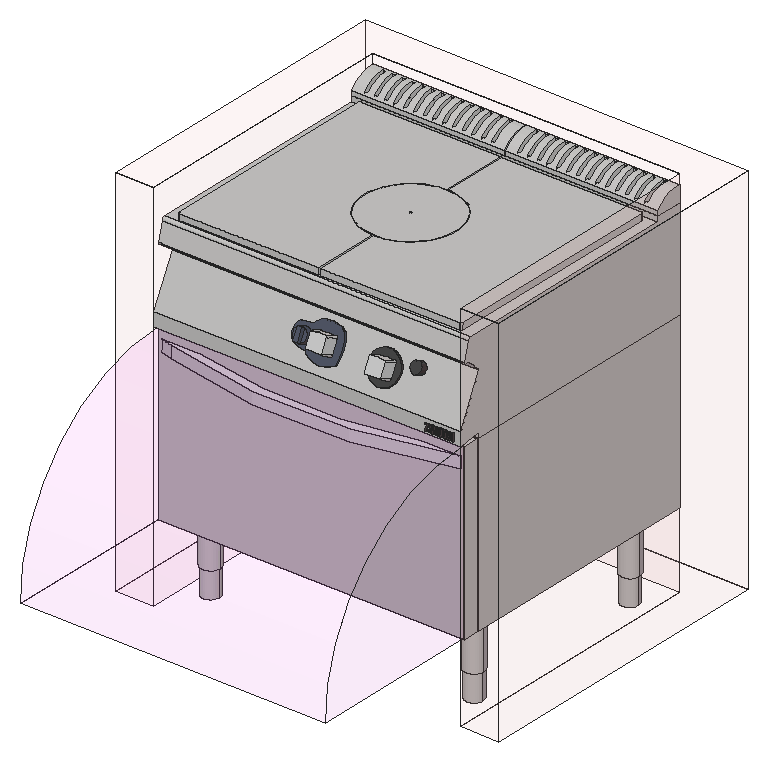
Revit family "QF_ZANUSSI_372217_Z7STGH10GA", category Attrezzature speciali, Revit 2020
Family settings
  Quota connettore circolare = Usa diametro
  Tipo di parte = Normale
  Basato su piano di lavoro = No
  Sempre verticale = Sì
  Taglio con vuoti quando caricato = No
  Condiviso = No
  Punto di calcolo locali = No
Parameters (values of type "Standard")
  Weight = 95.00 kg
  Watts = 0 W
  Volts = 0 V
  URL Manufacturer = "http://www.zanussiprofessional.com"
  URL = "http://www.zanussiprofessional.com"
  Steam Supply Size = 0 mm
  Steam Supply Minimum Pressure = 0.0 Pa
  Steam Supply Maximum Pressure = 0.0 Pa
  Steam Consumption per Hour = 0
  Show Logo [instance] = yes
  Show Clearance [instance] = yes
  Refrigeration Suction Line Size = 0 mm
  Refrigeration Liquid Line Size = 0 mm
  Refrigerant Compressor Remote = yes
  Prospetto di default = 0 mm
  Produttore = "Zanussi"
  Phase = 0
  Modello = "Z7STGH10GA"
  Length Actual = 800 mm  # constant formula
  Item Number = "372217"
  Hot Water Size = 0 mm
  Height Actual = 850 mm  # constant formula
  HP = "0 HP"
  Gas Size = 12.7 mm
  Gas KW = 13
  Gas Input Pressure = 0.128206 W
  Direct Waste Size = 0 mm
  Descrizione = "GAS SOLID TOP+OVEN 800MM  (AGA)"
  Depth Actual = 700 mm  # constant formula
  Cycle = 0 Hz
  Condensate Return Size = 0 mm
  Compressed Air Volume = 0.0 L/s
  Compressed Air Size = 0 mm
  Compressed Air Pressure = 0.0 Pa
  Cold Water Size = 0 mm
  Accessory = yes
Reference planes
  plane 1 "Back": y = 0
  plane 2: z = 0
  plane 3 "Left": x = 0
  plane 4: z = 849
  plane 5: x = 900
  plane 6: x = -100
  plane 7: y = 100
  plane 8: x = 800
  plane 9: y = -715
  plane 10: x = 400
  plane 11: y = -91
  plane 12: y = -600
  plane 13: y = -327.5
  plane 14: y = -378
  plane 15: y = -466
  plane 16: x = 747.85
  plane 17: x = 763
Forms (mm)
  Extrusion 1, solid, material "QF_Finishes_Clearance", visible <- "Show Clearance"
    sketch origin (0, 0, 575) x (1, 0, 0) y (0, 1, 0)
      loop
        line (0, -715) -> (0, 0) -> (800, 0) -> (800, -715) -> (900, -715) -> (900, 100) -> (-100, 100) -> (-100, -715) -> (0, -715)
    from -575 to 405
  Extrusion 2, solid, material "QF_Finishes_Stainless Steel"
    sketch origin (0, 4, 50) x (0, 1, 0) y (0, 0, 1)
      loop
        line (-704.352, 600) -> (-704.352, 149) -> (-664.352, 149) -> (-664.352, 600) -> (-704.352, 600)
    from 0 to 800
  Revolve 3, solid, material "QF_Finishes_Door Clearance", visible <- "Show Clearance"
    sketch origin (196.744, -700.352, 50) x (1, 0, 0) y (0, 0, 1)
      loop
        line (-196.744, 600) -> (-196.744, 149) -> (600, 149) -> (600, 600) -> (-196.744, 600)
      axis (-196.744, 149) -> (600, 149)
    angle from 0 to -90
  Extrusion 4, solid, material "QF_Finishes_Stainless Steel"
    sketch origin (0, 0, 626) x (0, 1, 0) y (0, 0, 1)
      loop
        line (0, 24) -> (0, 288) -> (-70, 288) -> (-70, 273) -> (-679.358, 273)
        arc (-679.358, 273) -> (-684.643, 270.811) -> (-686.833, 265.526) r 7.474
        line (-686.833, 265.526) -> (-699.884, 220.011)
        arc (-699.884, 220.011) -> (-699.396, 217.379) -> (-697, 216.184) r 3
        line (-697, 216.184) -> (-686.802, 216.184) -> (-654.982, 184.364) -> (-715, 64.508) -> (-715, 29.508) -> (-658.645, 37.428)
        arc (-658.645, 37.428) -> (-656.101, 36.674) -> (-655, 34.259) r 3.2
        line (-655, 34.259) -> (-655, 24) -> (0, 24)
    from 0 to 800
  Extrusion 5, solid, material "QF_Finishes_Stainless Steel"
    sketch origin (0, 0, 50) x (1, 0, 0) y (0, 1, 0)
      loop
        line (0, 0) -> (0, -655) -> (800, -655) -> (800, 0) -> (0, 0)
    from 149 to 600
  Extrusion 6, solid, material "QF_Finishes_Stainless Steel"
    sketch origin (-400, 40, 189) x (1, 0, 0) y (0, 1, 0)
      loop
        circle (1148, -506) r 10
    from 0 to 10
Dimensions and locks
  plane 4 to level = 849 mm
  plane 3 "Left" to plane 8 = 800 mm
  plane 1 "Back" to plane 9 = 715 mm
  plane 6 to plane 3 "Left" = 100 mm
  plane 8 to plane 5 = 100 mm
  plane 1 "Back" to plane 7 = 100 mm
  equal spacing: plane 3 "Left", plane 10, plane 8
  plane 1 "Back" to plane 11 to plane 12 = 91 mm, 509 mm
  level to plane 4 = 849 mm
  aligned and locked: level to plane 2
Automatic sketch dimensions
  Extrusion 1 sketch curve to plane 6 = 0 mm
  plane 1 "Back" to Extrusion 1 sketch curve = 0 mm
  Extrusion 1 sketch curve to plane 3 "Left" = 0 mm
  Extrusion 1 sketch curve to plane 8 = 0 mm
  Extrusion 1 sketch curve to plane 5 = 0 mm
  Extrusion 1 sketch curve to plane 9 = 0 mm
  plane 9 to Extrusion 1 sketch curve = 0 mm
  Extrusion 1 sketch curve to plane 7 = 0 mm
  plane 9 to Extrusion 2 sketch curve = 14.648 mm
  Extrusion 2 sketch curve to Extrusion 2 sketch curve = 40 mm
  level to Extrusion 2 sketch curve = 199 mm
  plane 4 to Extrusion 2 sketch curve = 199 mm
  Revolve 3 sketch curve to plane 3 "Left" = 0 mm
  plane 8 to Revolve 3 sketch curve = 3.256 mm
  level to Revolve 3 sketch curve = 199 mm
  plane 4 to Revolve 3 sketch curve = 199 mm
  Revolve 3 sketch curve to Revolve 3 sketch curve = 0 mm  (x2)
  Revolve 3 sketch curve to plane 5 = 76.744 mm
  Extrusion 4 sketch curve to plane 9 = 0 mm
  Extrusion 4 sketch curve to plane 1 "Back" = 0 mm
  plane 4 to Extrusion 4 sketch curve = 2.989 mm
  plane 9 to Extrusion 4 sketch curve = 15.116 mm
  Extrusion 4 sketch curve to Extrusion 4 sketch curve = 2.884 mm
  plane 9 to Extrusion 4 sketch curve = 28.167 mm
  plane 4 to Extrusion 4 sketch curve = 6.816 mm
  Extrusion 4 sketch curve to Extrusion 4 sketch curve = 10.198 mm
  Extrusion 4 sketch curve to Extrusion 4 sketch curve = 7.474 mm
  plane 9 to Extrusion 4 sketch curve = 56.355 mm
  Extrusion 4 sketch curve to Extrusion 4 sketch curve = 0.445 mm
  Extrusion 4 sketch curve to Extrusion 4 sketch curve = 3.2 mm
  Extrusion 4 sketch curve to Extrusion 4 sketch curve = 31.82 mm
  plane 11 to Extrusion 4 sketch curve = 21 mm
  plane 4 to Extrusion 4 sketch curve = 38.636 mm
  Extrusion 4 sketch curve to Extrusion 4 sketch curve = 119.856 mm
  Extrusion 4 sketch curve to Extrusion 4 sketch curve = 27.08 mm
  Extrusion 4 sketch curve to Extrusion 4 sketch curve = 35 mm
  Extrusion 4 sketch curve to Extrusion 4 sketch curve = 10.259 mm
  Extrusion 4 sketch curve to plane 4 = 42.526 mm
  Extrusion 4 sketch curve to plane 4 = 65 mm
  Extrusion 5 sketch curve to plane 3 "Left" = 0 mm
  Extrusion 5 sketch curve to plane 8 = 0 mm
  plane 1 "Back" to Extrusion 5 sketch curve = 0 mm
  Extrusion 5 sketch curve to plane 12 = 55 mm
  Extrusion 6 sketch curve to plane 15 = 0 mm
  Extrusion 6 sketch curve to plane 16 = 0.15 mm
  radius of Extrusion 6 sketch curve = 10 mm
Nested families
  nested 1: "Uscita_Fumi" at (200, -34.925, 914), type "Uscita_Fumi"
  nested 2: "Uscita_Fumi" at (600, -34.925, 914) x (-1, 0, 0) z (0, 0, 1), type "Uscita_Fumi"
  nested 3: "PIASTRA_GAS" at (400, -377.5, 899), type "PIASTRA_GAS"
  nested 4: "CONTROLLER_XP-ZAN" at (630.75, -684.624, 751.168) x (1, 0, 0) z (0, -0.8942, 0.4478), type "CONTROLLER_XP-ZAN"
  nested 5: "CONTROLLER_DOPPIO_ZAN" at (400, -683.889, 752.636) x (1, 0, 0) z (0, -0.8942, 0.4478), type "CONTROLLER_DOPPIO_ZAN"
  nested 6: "Bottone NERO" at (660, -672.774, 774.833) x (0, -0.4478, -0.8942) z (0, -0.8942, 0.4478), type "Bottone NERO"
  nested 7: "MANIGLIONE_ZANUSSI" at (400, -700.598, 610) x (1, 0, 0) z (0, -1, 0), type "MANIGLIONE_ZANUSSI"
  nested 8: "ZANUSSI_Logo" at (749.92, -715, 721.184) x (1, 0, 0) z (0, -1, 0), Show Logo <- "Show Logo", visible <- "Show Logo", type "ZANUSSI_Logo"
    with Show Logo yes
  nested 9: "Piedino 50xH200_par" at (56, -91, 0), type "Piedino 50xH200_par"
    with H 200 mm
  nested 10: "Piedino 50xH200_par" at (744, -91, 0), type "Piedino 50xH200_par"
    with H 200 mm
  nested 11: "Piedino 50xH200_par" at (744, -600, 0), type "Piedino 50xH200_par"
    with H 200 mm
  nested 12: "Piedino 50xH200_par" at (56, -600, 0), type "Piedino 50xH200_par"
    with H 200 mm
Connectors
  piping at (748, -466, 189), diameter 12.7, driven by "Gas Size"
    settings: on Extrusion 6, index 10, connector inside diameter 609.6 mm, connector length 0 mm, flow factor 0, pipe flow 0.0 L/s, pressure drop 0.0 Pa, fitting loss kfactor 0, connector angle 0.00°, fixture units 0, engagement length 0 mm, angle of deflection 0.00°, flow configuration 0, flow direction 0, fitting loss method 0, system type 29, joint type 0, gender type 0, connector reference index -1, connector utility 0, adjustable connector no, is connector primary yes, connector description "Gas Connection"
Definition of nested family "Uscita_Fumi"
  Parameters (values of type "Uscita_Fumi")
    Default Elevation = 1219.2 mm
  Reference planes
    plane 1 "Centro (Fronte/Retro)": y = 0
    plane 2: z = 0
    plane 3 "Centro (Sinistra/Destra)": x = 0
  Forms (mm)
    Extrusion 1, solid
      sketch origin (0, 0, 0) x (1, 0, 0) y (0, 1, 0)
        loop
          line (-1219.2, 1219.2) -> (-1219.2, -1219.2) -> (1219.2, -1219.2) -> (1219.2, 1219.2) -> (-1219.2, 1219.2)
      from 0 to -304.8
    Extrusion 2, solid
      sketch origin (-200, 34.925, -289.638) x (0, 1, 0) y (0, 0, 1)
        loop
          line (0, 289.638) -> (0, 331.738)
          arc (0, 331.738) -> (-38.857, 324.552) -> (-69.85, 300.038) r 82.056
          line (-69.85, 300.038) -> (-69.85, 289.638) -> (0, 289.638)
      from 0 to 400
    Extrusion 3, void
      sketch origin (-200, 34.925, -15) x (0, -1, 0) y (1, 0, 0)
        loop
          line (6.761, 29.703) -> (63.911, 29.703) -> (63.911, 38.999) -> (6.761, 38.999) -> (6.761, 29.703)
        loop
          line (63.911, 64.487) -> (6.761, 64.487) -> (6.761, 55.191) -> (63.911, 55.191) -> (63.911, 64.487)
        loop
          line (63.911, 89.975) -> (6.761, 89.975) -> (6.761, 80.68) -> (63.911, 80.68) -> (63.911, 89.975)
        loop
          line (63.911, 115.464) -> (6.761, 115.464) -> (6.761, 106.168) -> (63.911, 106.168) -> (63.911, 115.464)
        loop
          line (63.911, 140.952) -> (6.761, 140.952) -> (6.761, 131.656) -> (63.911, 131.656) -> (63.911, 140.952)
        loop
          line (63.911, 166.44) -> (6.761, 166.44) -> (6.761, 157.145) -> (63.911, 157.145) -> (63.911, 166.44)
        loop
          line (63.911, 191.929) -> (6.761, 191.929) -> (6.761, 182.633) -> (63.911, 182.633) -> (63.911, 191.929)
        loop
          line (63.911, 217.417) -> (6.761, 217.417) -> (6.761, 208.121) -> (63.911, 208.121) -> (63.911, 217.417)
        loop
          line (63.911, 242.905) -> (6.761, 242.905) -> (6.761, 233.61) -> (63.911, 233.61) -> (63.911, 242.905)
        loop
          line (63.911, 268.394) -> (6.761, 268.394) -> (6.761, 259.098) -> (63.911, 259.098) -> (63.911, 268.394)
        loop
          line (63.911, 293.882) -> (6.761, 293.882) -> (6.761, 284.586) -> (63.911, 284.586) -> (63.911, 293.882)
        loop
          line (63.911, 319.37) -> (6.761, 319.37) -> (6.761, 310.075) -> (63.911, 310.075) -> (63.911, 319.37)
        loop
          line (63.911, 344.859) -> (6.761, 344.859) -> (6.761, 335.563) -> (63.911, 335.563) -> (63.911, 344.859)
        loop
          line (63.911, 370.347) -> (6.761, 370.347) -> (6.761, 361.051) -> (63.911, 361.051) -> (63.911, 370.347)
      from 25.4 to 63.5
  Cuts and joins
    Extrusion 3 cuts Extrusion 2
  Dimensions and locks
    aligned and locked: plane 2 to Extrusion 1
    aligned and locked: level to Extrusion 1
Definition of nested family "PIASTRA_GAS"
  Parameters
    Default Elevation = 1219.2 mm
  Reference planes
    plane 1 "Centro (Fronte/Retro)": y = 0
    plane 2: z = 0
    plane 3 "Centro (Sinistra/Destra)": x = 0
    plane 4: x = -369.915
    plane 5: x = 370.085
    plane 6: y = -295.876
    plane 7: y = 295.876
  Forms (mm)
    Extrusion 1, solid
      sketch origin (0, 0, 0) x (1, 0, 0) y (0, 1, 0)
        loop
          line (-1219.2, 1219.2) -> (-1219.2, -1219.2) -> (1219.2, -1219.2) -> (1219.2, 1219.2) -> (-1219.2, 1219.2)
      from 0 to -304.8
    Extrusion 2, solid
      sketch origin (1063.714, -360.346, -15) x (-1, 0, 0) y (0, -1, 0)
        loop
          line (1433.628, -651.222) -> (1433.628, -69.469)
          arc (1433.628, -69.469) -> (1432.164, -65.934) -> (1428.628, -64.469) r 5
          line (1428.628, -64.469) -> (1065.515, -64.469) -> (1065.515, -238.459)
          arc (1065.515, -238.459) -> (1185.302, -360.286) -> (1065.628, -482.224) r 121.901
          line (1065.628, -482.224) -> (1065.628, -656.222) -> (1428.628, -656.222)
          arc (1428.628, -656.222) -> (1432.164, -654.758) -> (1433.628, -651.222) r 5
        loop
          line (698.628, -656.222) -> (1061.842, -656.222) -> (1061.842, -482.234)
          arc (1061.842, -482.234) -> (941.811, -360.431) -> (1061.671, -238.461) r 121.902
          line (1061.671, -238.461) -> (1061.671, -64.469) -> (698.628, -64.469)
          arc (698.628, -64.469) -> (695.093, -65.934) -> (693.628, -69.469) r 5
          line (693.628, -69.469) -> (693.628, -651.222)
          arc (693.628, -651.222) -> (695.093, -654.758) -> (698.628, -656.222) r 5
        loop
          arc (1061.628, -480.329) -> (1183.624, -361.307) -> (1063.551, -240.346) r 120
          arc (1063.551, -240.346) -> (943.632, -359.384) -> (1061.628, -480.329) r 120
        loop
          circle (1063.714, -360.346) r 2.2
      from 15 to 31.193
  Dimensions and locks
    plane 4 to plane 5 = 740 mm
    plane 6 to plane 7 = 591.753 mm
    aligned and locked: plane 2 to Extrusion 1
    aligned and locked: level to Extrusion 1
Definition of nested family "CONTROLLER_XP-ZAN"
  Parameters (values of type "CONTROLLER_XP-ZAN")
    Default Elevation = 0 mm
  Reference planes
    plane 1 "Centro (Fronte/Retro)": y = 0
    plane 2: z = 0
    plane 3 "Centro (Sinistra/Destra)": x = 0
    plane 4: x = -51.067
    plane 5: x = 51.067
    plane 6: x = 93.481
    plane 7: x = -93.481
  Forms (mm)
    Extrusion 1, solid
      sketch origin (0, 0, 0) x (1, 0, 0) y (0, 1, 0)
        loop
          line (-1219.2, 1219.2) -> (-1219.2, -1219.2) -> (1219.2, -1219.2) -> (1219.2, 1219.2) -> (-1219.2, 1219.2)
      from 0 to -304.8
    Extrusion 2, solid
      sketch origin (-46.381, -48.923, 0) x (1, 0, 0) y (0, 1, 0)
        loop
          circle (-4.687, 48.923) r 42.414
      from 0 to 3.175
    Blend 3, solid
      base sketch origin (-46.381, -48.923, 3.175) x (1, 0, 0) y (0, 1, 0)
        loop
          line (-23.687, 25.923) -> (14.313, 25.923)
          arc (14.313, 25.923) -> (17.142, 27.095) -> (18.313, 29.923) r 4
          line (18.313, 29.923) -> (18.313, 66.519)
          arc (18.313, 66.519) -> (17.342, 69.132) -> (14.901, 70.476) r 4
          arc (14.901, 70.476) -> (-4.687, 71.923) -> (-24.275, 70.476) r 133.25
          arc (-24.275, 70.476) -> (-26.716, 69.132) -> (-27.687, 66.519) r 4
          line (-27.687, 66.519) -> (-27.687, 29.923)
          arc (-27.687, 29.923) -> (-26.515, 27.095) -> (-23.687, 25.923) r 4
      top sketch origin (-46.381, -48.923, 3.175) x (1, 0, 0) y (0, 1, 0)
        loop
          line (-25.687, 66.519) -> (-25.687, 29.923)
          arc (-25.687, 29.923) -> (-25.101, 28.509) -> (-23.687, 27.923) r 2
          line (-23.687, 27.923) -> (14.313, 27.923)
          arc (14.313, 27.923) -> (15.727, 28.509) -> (16.313, 29.923) r 2
          line (16.313, 29.923) -> (16.313, 66.519)
          arc (16.313, 66.519) -> (15.828, 67.825) -> (14.607, 68.498) r 2
          arc (14.607, 68.498) -> (-4.687, 69.923) -> (-23.981, 68.498) r 131.25
          arc (-23.981, 68.498) -> (-25.201, 67.825) -> (-25.687, 66.519) r 2
      from 0 to 33
  Lines and regions (mm)
    Split face 1
      outline origin (-46.381, -48.923, 36.175) x (1, 0, 0) y (0, 1, 0)
        loop
          line (-6.687, 69.908) -> (-6.687, 62.923) -> (-2.687, 62.923) -> (-2.687, 69.908)
  Dimensions and locks
    aligned and locked: plane 2 to Extrusion 1
    aligned and locked: level to Extrusion 1
Definition of nested family "CONTROLLER_DOPPIO_ZAN"
  Parameters (values of type "CONTROLLER_DOPPIO_ZAN")
    Default Elevation = 1219.2 mm
  Reference planes
    plane 1 "Centro (Fronte/Retro)": y = 0
    plane 2: z = 0
    plane 3 "Centro (Sinistra/Destra)": x = 0
  Forms (mm)
    Extrusion 1, solid
      sketch origin (0, 0, 0) x (1, 0, 0) y (0, 1, 0)
        loop
          line (-1219.2, 1219.2) -> (-1219.2, -1219.2) -> (1219.2, -1219.2) -> (1219.2, 1219.2) -> (-1219.2, 1219.2)
      from 0 to -304.8
    Extrusion 2, solid
      sketch origin (-514.313, -66.838, -0.005) x (0, 1, 0.000275) y (-1, 0, 0)
        loop
          arc (104.31, -502.587) -> (101.304, -501.269) -> (98.251, -500.06) r 91.047
          arc (98.251, -500.06) -> (96.593, -482.459) -> (93.213, -465.107) r 179.528
          arc (93.213, -465.107) -> (69.244, -452.795) -> (45.274, -465.107) r 29.489
          arc (45.274, -465.107) -> (38.909, -481.441) -> (37.449, -498.912) r 61.044
          arc (37.449, -498.912) -> (34.471, -499.962) -> (31.532, -501.116) r 91.066
          arc (31.532, -501.116) -> (19.069, -540.041) -> (31.818, -578.873) r 66.256
          arc (31.818, -578.873) -> (68.058, -585.586) -> (104.006, -577.452) r 91.478
          arc (104.006, -577.452) -> (115.815, -540.067) -> (104.31, -502.587) r 65.933
      from 0 to 3.175
    Extrusion 3, solid
      sketch origin (-193.063, -68.823, 3.169) x (0, 1, 0.000275) y (-1, 0, 0)
        loop
          circle (68.826, -160.963) r 18.37
      from 0 to 12.7
    Extrusion 4, solid
      sketch origin (-194.354, -68.826, 15.869) x (0, 1, 0.000275) y (-1, 0, 0)
        loop
          arc (84.808, -167.687) -> (85.476, -161.901) -> (84.808, -156.114) r 25.4
          line (84.808, -156.114) -> (52.844, -156.114)
          arc (52.844, -156.114) -> (52.176, -161.901) -> (52.844, -167.687) r 25.4
          line (52.844, -167.687) -> (84.808, -167.687)
      from 0 to 8.112
    Blend 5, solid
      base sketch origin (30.393, -48.221, 3.19) x (1, 0, 0) y (0, 1, 0)
        loop
          line (-23.687, 25.923) -> (14.313, 25.923)
          arc (14.313, 25.923) -> (17.142, 27.095) -> (18.313, 29.923) r 4
          line (18.313, 29.923) -> (18.313, 66.519)
          arc (18.313, 66.519) -> (17.342, 69.132) -> (14.901, 70.476) r 4
          arc (14.901, 70.476) -> (-4.687, 71.923) -> (-24.275, 70.476) r 133.25
          arc (-24.275, 70.476) -> (-26.716, 69.132) -> (-27.687, 66.519) r 4
          line (-27.687, 66.519) -> (-27.687, 29.923)
          arc (-27.687, 29.923) -> (-26.515, 27.095) -> (-23.687, 25.923) r 4
      top sketch origin (30.393, -48.221, 3.19) x (1, 0, 0) y (0, 1, 0)
        loop
          line (-25.687, 66.519) -> (-25.687, 29.923)
          arc (-25.687, 29.923) -> (-25.101, 28.509) -> (-23.687, 27.923) r 2
          line (-23.687, 27.923) -> (14.313, 27.923)
          arc (14.313, 27.923) -> (15.727, 28.509) -> (16.313, 29.923) r 2
          line (16.313, 29.923) -> (16.313, 66.519)
          arc (16.313, 66.519) -> (15.828, 67.825) -> (14.607, 68.498) r 2
          arc (14.607, 68.498) -> (-4.687, 69.923) -> (-23.981, 68.498) r 131.25
          arc (-23.981, 68.498) -> (-25.201, 67.825) -> (-25.687, 66.519) r 2
      from 0 to 33
  Lines and regions (mm)
    Split face 1
      outline origin (30.393, -48.221, 36.19) x (1, 0, 0) y (0, 1, 0)
        loop
          line (-6.687, 69.908) -> (-6.687, 62.923) -> (-2.687, 62.923) -> (-2.687, 69.908)
  Dimensions and locks
    aligned and locked: plane 2 to Extrusion 1
    aligned and locked: level to Extrusion 1
Definition of nested family "Bottone NERO"
  Parameters (values of type "Bottone NERO")
    Default Elevation = 1219.2 mm
  Reference planes
    plane 1 "Centro (Fronte/Retro)": y = 0
    plane 2: z = 0
    plane 3 "Centro (Sinistra/Destra)": x = 0
  Forms (mm)
    Extrusion 1, solid
      sketch origin (0, 0, 0) x (1, 0, 0) y (0, 1, 0)
        loop
          line (-1219.2, 1219.2) -> (-1219.2, -1219.2) -> (1219.2, -1219.2) -> (1219.2, 1219.2) -> (-1219.2, 1219.2)
      from 0 to -304.8
    Extrusion 2, solid
      sketch origin (0, 0, 0) x (1, 0, 0) y (0, 1, 0)
        loop
          circle (1.032, 2.31) r 15
      from 0 to 15
  Dimensions and locks
    aligned and locked: plane 2 to Extrusion 1
    aligned and locked: level to Extrusion 1
Definition of nested family "MANIGLIONE_ZANUSSI"
  Parameters (values of type "MANIGLIONE_ZANUSSI")
    Default Elevation = 1219.2 mm
  Reference planes
    plane 1 "Centro (Fronte/Retro)": y = 0
    plane 2: z = 0
    plane 3 "Centro (Sinistra/Destra)": x = 0
  Forms (mm)
    Extrusion 1, solid
      sketch origin (0, 0, 0) x (1, 0, 0) y (0, 1, 0)
        loop
          line (-1219.2, 1219.2) -> (-1219.2, -1219.2) -> (1219.2, -1219.2) -> (1219.2, 1219.2) -> (-1219.2, 1219.2)
      from 0 to -304.8
    Extrusion 2, solid
      sketch origin (-704.429, -415, -700) x (-1, 0, 0) y (0, 0, 1)
        loop
          line (-1094.429, 700) -> (-1000.824, 700)
          arc (-1000.824, 700) -> (-704.429, 736.431) -> (-408.034, 700) r 1223.931
          line (-408.034, 700) -> (-314.429, 700)
          arc (-314.429, 700) -> (-331.418, 705.445) -> (-348.483, 710.648) r 1249.902
          arc (-348.483, 710.648) -> (-722.269, 762.275) -> (-1094.429, 700) r 1249.902
      from 400 to 430
  Dimensions and locks
    aligned and locked: plane 2 to Extrusion 1
    aligned and locked: level to Extrusion 1
Definition of nested family "ZANUSSI_Logo"
  Parameters (values of type "ZANUSSI_Logo")
    Show Logo [instance] = yes
    Default Elevation = 1219.2 mm
  Reference planes
    plane 1 "Center (Front/Back)": y = -49
    plane 2: z = 0
    plane 3 "Center (Left/Right)": x = -9.92
  Forms (mm)
    Extrusion 1, solid
      sketch origin (0, 0, 0) x (1, 0, 0) y (0, 1, 0)
        loop
          line (-1219.2, 1219.2) -> (-1219.2, -1219.2) -> (1219.2, -1219.2) -> (1219.2, 1219.2) -> (-1219.2, 1219.2)
      from 0 to -304.8
    Extrusion 2, solid, visible <- "Show Logo"
      sketch origin (106.353, -215.165, -50) x (1, 0, 0) y (0, 1, 0)
        loop
          line (-137.419, 156.48) -> (-137.419, 160.444) -> (-143.365, 160.444) -> (-137.419, 172.566) -> (-137.419, 175.851) -> (-147.274, 175.851) -> (-147.274, 172.226) -> (-142.063, 172.339) -> (-147.728, 160.444) -> (-147.728, 156.48) -> (-137.419, 156.48)
        loop
          line (-131.729, 163.73) -> (-129.463, 163.73) -> (-130.596, 172.54) -> (-131.729, 163.73)
        loop
          line (-132.748, 156.48) -> (-132.182, 160.218) -> (-128.897, 160.218) -> (-128.33, 156.48) -> (-124.252, 156.48) -> (-127.877, 175.851) -> (-133.315, 175.851) -> (-136.826, 156.48) -> (-132.748, 156.48)
        loop
          line (-123.75, 175.851) -> (-123.75, 156.48) -> (-120.238, 156.48) -> (-120.238, 169.281) -> (-116.953, 156.48) -> (-112.648, 156.48) -> (-112.648, 175.851) -> (-116.273, 175.851) -> (-116.273, 163.503) -> (-119.558, 175.851) -> (-123.75, 175.851)
        loop
          arc (-111.742, 161.27) -> (-106.896, 156.448) -> (-101.433, 160.558) r 5.22
          line (-101.433, 160.558) -> (-101.433, 175.851) -> (-105.398, 175.851) -> (-105.398, 161.464)
          arc (-105.398, 161.464) -> (-106.44, 160.263) -> (-107.777, 161.124) r 1.214
          line (-107.777, 161.124) -> (-107.777, 175.851) -> (-111.742, 175.851) -> (-111.742, 161.27)
        loop
          line (-94.069, 169.734) -> (-90.331, 169.734) -> (-90.269, 171.495)
          arc (-90.269, 171.495) -> (-90.53, 173.458) -> (-91.761, 175.009) r 3.719
          arc (-91.761, 175.009) -> (-95.38, 176.189) -> (-98.998, 175.009) r 6.139
          arc (-98.998, 175.009) -> (-100.474, 172.145) -> (-100.291, 168.927) r 6.125
          arc (-100.291, 168.927) -> (-99.079, 167.149) -> (-97.591, 165.594) r 13.068
          line (-97.591, 165.594) -> (-95.921, 164.113)
          arc (-95.921, 164.113) -> (-94.934, 163.275) -> (-94.167, 162.233) r 5.571
          arc (-94.167, 162.233) -> (-94.357, 160.41) -> (-96.143, 160.003) r 1.573
          arc (-96.143, 160.003) -> (-96.681, 160.547) -> (-96.911, 161.277) r 1.631
          arc (-96.911, 161.277) -> (-96.929, 161.791) -> (-96.911, 162.305) r 7.441
          arc (-96.911, 162.305) -> (-96.895, 162.791) -> (-96.911, 163.277) r 7.03
          line (-96.911, 163.277) -> (-100.866, 163.277)
          arc (-100.866, 163.277) -> (-100.828, 160.504) -> (-99.735, 157.955) r 7.131
          arc (-99.735, 157.955) -> (-94.571, 156.484) -> (-90.221, 159.633) r 6.148
          arc (-90.221, 159.633) -> (-90.141, 162.884) -> (-91.536, 165.823) r 7.021
          line (-91.536, 165.823) -> (-95.882, 169.734)
          arc (-95.882, 169.734) -> (-96.47, 170.472) -> (-96.785, 171.362) r 2.858
          arc (-96.785, 171.362) -> (-95.666, 172.959) -> (-94.069, 171.84) r 1.379
          line (-94.069, 171.84) -> (-94.069, 169.734)
        loop
          line (-82.771, 169.734) -> (-79.033, 169.734) -> (-78.971, 171.495)
          arc (-78.971, 171.495) -> (-79.232, 173.458) -> (-80.463, 175.009) r 3.719
          arc (-80.463, 175.009) -> (-84.081, 176.189) -> (-87.7, 175.009) r 6.139
          arc (-87.7, 175.009) -> (-89.175, 172.145) -> (-88.993, 168.927) r 6.125
          arc (-88.993, 168.927) -> (-87.781, 167.149) -> (-86.293, 165.594) r 13.068
          line (-86.293, 165.594) -> (-84.623, 164.113)
          arc (-84.623, 164.113) -> (-83.636, 163.275) -> (-82.869, 162.233) r 5.571
          arc (-82.869, 162.233) -> (-83.059, 160.41) -> (-84.845, 160.003) r 1.573
          arc (-84.845, 160.003) -> (-85.383, 160.547) -> (-85.613, 161.277) r 1.631
          arc (-85.613, 161.277) -> (-85.631, 161.791) -> (-85.613, 162.305) r 7.441
          arc (-85.613, 162.305) -> (-85.596, 162.791) -> (-85.613, 163.277) r 7.03
          line (-85.613, 163.277) -> (-89.568, 163.277)
          arc (-89.568, 163.277) -> (-89.53, 160.504) -> (-88.437, 157.955) r 7.131
          arc (-88.437, 157.955) -> (-83.272, 156.484) -> (-78.922, 159.633) r 6.148
          arc (-78.922, 159.633) -> (-78.843, 162.884) -> (-80.238, 165.823) r 7.021
          line (-80.238, 165.823) -> (-84.584, 169.734)
          arc (-84.584, 169.734) -> (-85.171, 170.472) -> (-85.486, 171.362) r 2.858
          arc (-85.486, 171.362) -> (-84.368, 172.959) -> (-82.771, 171.84) r 1.379
          line (-82.771, 171.84) -> (-82.771, 169.734)
        loop
          line (-78.21, 175.851) -> (-78.21, 156.48) -> (-74.245, 156.48) -> (-74.245, 175.851) -> (-78.21, 175.851)
      from 50 to 51.6
  Dimensions and locks
    aligned and locked: plane 2 to Extrusion 1
    aligned and locked: level to Extrusion 1
Definition of nested family "Piedino 50xH200_par"
  Parameters (values of type "Piedino 50xH200_par")
    Default Elevation = 0 mm
    H [instance] = 200 mm
  Reference planes
    plane 1 "Centro (Fronte/Retro)": y = 0
    plane 2: z = 0
    plane 3 "Centro (Sinistra/Destra)": x = 0
  Forms (mm)
    Revolve 1, solid
      sketch origin (55, 0, 0) x (-1, 0, 0) y (0, 0, -1)
        loop
          line (55, 0) -> (32.1, 0) -> (32.1, -69.05) -> (29.6, -69.05) -> (29.6, -200) -> (55, -200) -> (55, 0)
        axis (55, 0) -> (55, -200)
      angle from 0 to 360
  Dimensions and locks
    "H": Revolve 1 to plane 2
    aligned and locked: level to plane 2
  Automatic sketch dimensions
    Revolve 1 sketch curve to level = 0 mm
    Revolve 1 sketch curve to plane 3 "Centro (Sinistra/Destra)" = 0 mm  (x2)
    plane 3 "Centro (Sinistra/Destra)" to Revolve 1 sketch curve = 22.9 mm
    Revolve 1 sketch curve to Revolve 1 sketch curve = 2.5 mm
    level to Revolve 1 sketch curve = 69.05 mm
    Revolve 1 sketch curve to Revolve 1 sketch curve = 130.95 mm
    Revolve 1 sketch curve to Revolve 1 sketch curve = 0 mm
    Revolve 1 sketch curve to Revolve 1 sketch curve = 20 mm
